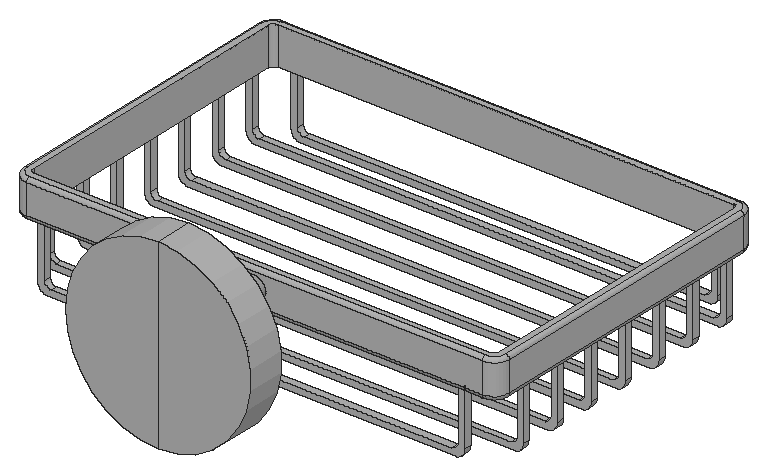
Revit family "TH6016661_Kit por 6 Accesorios Thames(Canastilla ducha)", category Plumbing Fixtures, Revit 2019
Family settings
  Round Connector Dimension = Use Diameter
  Part Type = Normal
  OmniClass Number = 23.19.25.13.21.17
  OmniClass Title = Fittings
  Work Plane-Based = No
  Always vertical = Yes
  Cut with Voids When Loaded = No
  Shared = No
  Room Calculation Point = No
Parameters
  Uso = "Residencial"  # constant formula
  URL = "https://corona.co/productos/accesorios/kit-por-6-accesorios-thames/p/TH6016661"
  Resistencia = "Resistente a la corrosión pelado y decoloración por agua, Resistencia al peso general hasta 9 kg, Resistencia al peso del toallero barra hasta 23 kg"  # constant formula
  Número de piezas = "6"  # constant formula
  Materiales = "Cromado"  # constant formula
  Material = Corona_Cromo
  Línea = "Torino"  # constant formula
  Garantías de otros componentes = "2 años en acabados"  # constant formula
  Garantía = "30 años en estructura"  # constant formula
  Fecha de creación = "14/08/2020"  # constant formula
  Description = "Nuestro kit de accesorios que reflejan las últimas tendencias de diseño, convirtiéndose así en el mejor complemento para tu baño. ¡Pídelo ahora!"  # constant formula
  Creado por = "IDD"  # constant formula
  Componentes = "Percha, Toallero, Jabonera, Barra, Cepillera, Portarrollo"  # constant formula
  Colección = "Gama Media 2010"  # constant formula
  Acabado = "Cromado"  # constant formula
Reference planes
  plane 1 "Center (Front/Back)": y = 0
  plane 2: z = 0
  plane 3 "Center (Left/Right)": x = 0
Forms (mm)
  Extrusion 1, solid, material "Corona_Cromo" <- "Material", detail levels coarse
    sketch origin (0, 0, 0) x (1, 0, 0) y (0, 1, 0)
      loop
        line (-74.243, 0) -> (75.393, 0) -> (75.393, 135.59) -> (-74.243, 135.59) -> (-74.243, 0)
    from -30.132 to 28.796
  Sweep 2, solid, material "Corona_Cromo" <- "Material", detail levels medium+fine
    path origin (-41.968, -357.072, -249.66) x (-1, 0, 0) y (0, -1, 0)
      loop
        line (-112.483, -492.941) -> (27.517, -492.941)
        arc (27.517, -492.941) -> (31.052, -491.477) -> (32.517, -487.941) r 5
        line (32.517, -487.941) -> (32.517, -397.941)
        arc (32.517, -397.941) -> (31.052, -394.406) -> (27.517, -392.941) r 5
        line (27.517, -392.941) -> (-112.483, -392.941)
        arc (-112.483, -392.941) -> (-116.019, -394.406) -> (-117.483, -397.941) r 5
        line (-117.483, -397.941) -> (-117.483, -487.941)
        arc (-117.483, -487.941) -> (-116.019, -491.477) -> (-112.483, -492.941) r 5
    profile origin (0.515, 135.869, -249.66) x (0, -1, 0) y (0, 0, 1)
      loop
        line (1.783, 243.527) -> (3.294, 243.527) -> (3.294, 255.191) -> (1.543, 255.191)
        arc (1.543, 255.191) -> (0.74, 254.858) -> (0.407, 254.055) r 1.136
        line (0.407, 254.055) -> (0.407, 244.903)
        arc (0.407, 244.903) -> (0.81, 243.93) -> (1.783, 243.527) r 1.376
  Extrusion 3, solid, material "Corona_Cromo" <- "Material", detail levels medium+fine
    sketch origin (27.056, 36.519, -285.19) x (-1, 0, 0) y (0, 0, 1)
      loop
        line (91.296, 281.502) -> (91.296, 264.388)
        arc (91.296, 264.388) -> (90.71, 262.974) -> (89.296, 262.388) r 2
        line (89.296, 262.388) -> (-33.935, 262.388)
        arc (-33.935, 262.388) -> (-35.349, 262.974) -> (-35.935, 264.388) r 2
        line (-35.935, 264.388) -> (-35.935, 281.502) -> (-37.935, 281.502) -> (-37.935, 263.388)
        arc (-37.935, 263.388) -> (-37.056, 261.267) -> (-34.935, 260.388) r 3
        line (-34.935, 260.388) -> (90.296, 260.388)
        arc (90.296, 260.388) -> (92.417, 261.267) -> (93.296, 263.388) r 3
        line (93.296, 263.388) -> (93.296, 281.502) -> (91.296, 281.502)
    from 0 to 2.019
  Extrusion 4, solid, material "Corona_Cromo" <- "Material", detail levels medium+fine
    sketch origin (33.527, 47.524, -285.19) x (-1, 0, 0) y (0, 0, 1)
      loop
        line (105.046, 281.502) -> (105.046, 264.388)
        arc (105.046, 264.388) -> (104.46, 262.974) -> (103.046, 262.388) r 2
        line (103.046, 262.388) -> (-36.747, 262.388)
        arc (-36.747, 262.388) -> (-38.162, 262.974) -> (-38.747, 264.388) r 2
        line (-38.747, 264.388) -> (-38.747, 281.502) -> (-40.747, 281.502) -> (-40.747, 263.388)
        arc (-40.747, 263.388) -> (-39.869, 261.267) -> (-37.747, 260.388) r 3
        line (-37.747, 260.388) -> (104.046, 260.388)
        arc (104.046, 260.388) -> (106.167, 261.267) -> (107.046, 263.388) r 3
        line (107.046, 263.388) -> (107.046, 281.502) -> (105.046, 281.502)
    from 0 to 1.695
  Extrusion 5, solid, material "Corona_Cromo" <- "Material", detail levels medium+fine
    sketch origin (33.527, 60.533, -285.19) x (-1, 0, 0) y (0, 0, 1)
      loop
        line (105.046, 281.502) -> (105.046, 264.388)
        arc (105.046, 264.388) -> (104.46, 262.974) -> (103.046, 262.388) r 2
        line (103.046, 262.388) -> (-36.747, 262.388)
        arc (-36.747, 262.388) -> (-38.162, 262.974) -> (-38.747, 264.388) r 2
        line (-38.747, 264.388) -> (-38.747, 281.502) -> (-40.747, 281.502) -> (-40.747, 263.388)
        arc (-40.747, 263.388) -> (-39.869, 261.267) -> (-37.747, 260.388) r 3
        line (-37.747, 260.388) -> (104.046, 260.388)
        arc (104.046, 260.388) -> (106.167, 261.267) -> (107.046, 263.388) r 3
        line (107.046, 263.388) -> (107.046, 281.502) -> (105.046, 281.502)
    from 0 to 1.991
  Extrusion 6, solid, material "Corona_Cromo" <- "Material", detail levels medium+fine
    sketch origin (33.527, 73.524, -285.19) x (-1, 0, 0) y (0, 0, 1)
      loop
        line (105.046, 281.502) -> (105.046, 264.388)
        arc (105.046, 264.388) -> (104.46, 262.974) -> (103.046, 262.388) r 2
        line (103.046, 262.388) -> (-36.747, 262.388)
        arc (-36.747, 262.388) -> (-38.162, 262.974) -> (-38.747, 264.388) r 2
        line (-38.747, 264.388) -> (-38.747, 281.502) -> (-40.747, 281.502) -> (-40.747, 263.388)
        arc (-40.747, 263.388) -> (-39.869, 261.267) -> (-37.747, 260.388) r 3
        line (-37.747, 260.388) -> (104.046, 260.388)
        arc (104.046, 260.388) -> (106.167, 261.267) -> (107.046, 263.388) r 3
        line (107.046, 263.388) -> (107.046, 281.502) -> (105.046, 281.502)
    from 0 to 2.009
  Extrusion 7, solid, material "Corona_Cromo" <- "Material", detail levels medium+fine
    sketch origin (33.527, 86.533, -285.19) x (-1, 0, 0) y (0, 0, 1)
      loop
        line (105.046, 281.502) -> (105.046, 264.388)
        arc (105.046, 264.388) -> (104.46, 262.974) -> (103.046, 262.388) r 2
        line (103.046, 262.388) -> (-36.747, 262.388)
        arc (-36.747, 262.388) -> (-38.162, 262.974) -> (-38.747, 264.388) r 2
        line (-38.747, 264.388) -> (-38.747, 281.502) -> (-40.747, 281.502) -> (-40.747, 263.388)
        arc (-40.747, 263.388) -> (-39.869, 261.267) -> (-37.747, 260.388) r 3
        line (-37.747, 260.388) -> (104.046, 260.388)
        arc (104.046, 260.388) -> (106.167, 261.267) -> (107.046, 263.388) r 3
        line (107.046, 263.388) -> (107.046, 281.502) -> (105.046, 281.502)
    from 0 to 1.991
  Extrusion 8, solid, material "Corona_Cromo" <- "Material", detail levels medium+fine
    sketch origin (33.527, 99.524, -285.19) x (-1, 0, 0) y (0, 0, 1)
      loop
        line (105.046, 281.502) -> (105.046, 264.388)
        arc (105.046, 264.388) -> (104.46, 262.974) -> (103.046, 262.388) r 2
        line (103.046, 262.388) -> (-36.747, 262.388)
        arc (-36.747, 262.388) -> (-38.162, 262.974) -> (-38.747, 264.388) r 2
        line (-38.747, 264.388) -> (-38.747, 281.502) -> (-40.747, 281.502) -> (-40.747, 263.388)
        arc (-40.747, 263.388) -> (-39.869, 261.267) -> (-37.747, 260.388) r 3
        line (-37.747, 260.388) -> (104.046, 260.388)
        arc (104.046, 260.388) -> (106.167, 261.267) -> (107.046, 263.388) r 3
        line (107.046, 263.388) -> (107.046, 281.502) -> (105.046, 281.502)
    from 0 to 2.009
  Extrusion 9, solid, material "Corona_Cromo" <- "Material", detail levels medium+fine
    sketch origin (33.527, 112.533, -285.19) x (-1, 0, 0) y (0, 0, 1)
      loop
        line (105.046, 281.502) -> (105.046, 264.388)
        arc (105.046, 264.388) -> (104.46, 262.974) -> (103.046, 262.388) r 2
        line (103.046, 262.388) -> (-36.747, 262.388)
        arc (-36.747, 262.388) -> (-38.162, 262.974) -> (-38.747, 264.388) r 2
        line (-38.747, 264.388) -> (-38.747, 281.502) -> (-40.747, 281.502) -> (-40.747, 263.388)
        arc (-40.747, 263.388) -> (-39.869, 261.267) -> (-37.747, 260.388) r 3
        line (-37.747, 260.388) -> (104.046, 260.388)
        arc (104.046, 260.388) -> (106.167, 261.267) -> (107.046, 263.388) r 3
        line (107.046, 263.388) -> (107.046, 281.502) -> (105.046, 281.502)
    from 0 to 1.991
  Extrusion 10, solid, material "Corona_Cromo" <- "Material", detail levels medium+fine
    sketch origin (33.527, 125.533, -285.19) x (-1, 0, 0) y (0, 0, 1)
      loop
        line (105.046, 281.502) -> (105.046, 264.388)
        arc (105.046, 264.388) -> (104.46, 262.974) -> (103.046, 262.388) r 2
        line (103.046, 262.388) -> (-36.747, 262.388)
        arc (-36.747, 262.388) -> (-38.162, 262.974) -> (-38.747, 264.388) r 2
        line (-38.747, 264.388) -> (-38.747, 281.502) -> (-40.747, 281.502) -> (-40.747, 263.388)
        arc (-40.747, 263.388) -> (-39.869, 261.267) -> (-37.747, 260.388) r 3
        line (-37.747, 260.388) -> (104.046, 260.388)
        arc (104.046, 260.388) -> (106.167, 261.267) -> (107.046, 263.388) r 3
        line (107.046, 263.388) -> (107.046, 281.502) -> (105.046, 281.502)
    from 0 to 2
  Extrusion 11, solid, material "Corona_Cromo" <- "Material", detail levels medium+fine
    sketch origin (27.681, 132.965, -285.19) x (-1, 0, 0) y (0, 0, 1)
      loop
        line (91.296, 281.502) -> (91.296, 264.388)
        arc (91.296, 264.388) -> (90.71, 262.974) -> (89.296, 262.388) r 2
        line (89.296, 262.388) -> (-33.935, 262.388)
        arc (-33.935, 262.388) -> (-35.349, 262.974) -> (-35.935, 264.388) r 2
        line (-35.935, 264.388) -> (-35.935, 281.502) -> (-37.935, 281.502) -> (-37.935, 263.388)
        arc (-37.935, 263.388) -> (-37.056, 261.267) -> (-34.935, 260.388) r 3
        line (-34.935, 260.388) -> (90.296, 260.388)
        arc (90.296, 260.388) -> (92.417, 261.267) -> (93.296, 263.388) r 3
        line (93.296, 263.388) -> (93.296, 281.502) -> (91.296, 281.502)
    from 0 to 2.019
  Revolve 12, solid, material "Corona_Cromo" <- "Material", detail levels medium+fine
    sketch origin (0, -112.085, -285.19) x (0, -1, 0) y (0, 0, 1)
      loop
        line (-149.229, 285.19) -> (-112.085, 285.19) -> (-112.085, 313.667) -> (-123.6, 313.667) -> (-123.6, 292.618) -> (-138.6, 292.618) -> (-149.229, 288.538) -> (-149.229, 285.19)
      axis (-112.085, 285.19) -> (-149.229, 285.19)
    angle from 0 to 360
Dimensions and locks
  aligned and locked: level to plane 2
